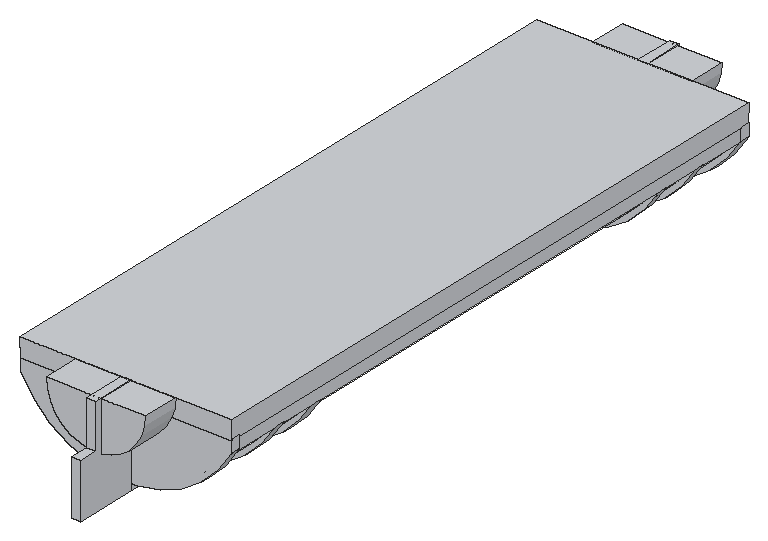
Revit family "7328", category Lighting Fixtures, Revit 2016
Family settings
  Part Type = Normal
  Round Connector Dimension = Use Diameter
  OmniClass Number = 23.80.70.00
  OmniClass Title = Lighting
  Work Plane-Based = No
  Always vertical = Yes
  Cut with Voids When Loaded = No
  Light Source = Yes
  Shared = No
  Room Calculation Point = No
Parameters
  Wattage = 12.1178 W
  built-in parameter 1150110 = 1 (stored number, unit not read)
  built-in parameter 1114217 = 1 (stored number, unit not read)
  built-in parameter 1150109 = 1 (stored number, unit not read)
  built-in parameter 1150134 = (empty or 0)
  built-in parameter 1150113 = 1 (stored number, unit not read)
  Lumens = 1800 lm
  built-in parameter 1150115 = 1 (stored number, unit not read)
  built-in parameter 1150105 = 143.24 (stored number, unit not read)
  Light Source Symbol Size = 2' - 0"
  built-in parameter 1150137 = (empty or 0)
  built-in parameter 1150139 = (empty or 0)
  built-in parameter 1150112 = 1 (stored number, unit not read)
  built-in parameter 1150114 = 1 (stored number, unit not read)
  built-in parameter 1150132 = 2
  built-in parameter 1150102 = (empty or 0)
  built-in parameter 1150138 = (empty or 0)
  built-in parameter 1150107 = 3000 (stored number, unit not read)
  built-in parameter 1150106 = 1.4324 (stored number, unit not read)
  built-in parameter 1150104 = 13.8 (stored number, unit not read)
  Dimming Lamp Color Temperature Shift = (empty or 0)
  Color Filter = 16777215
  built-in parameter 1114218 = 1 (stored number, unit not read)
  built-in parameter 1150133 = 10 (stored number, unit not read)
Reference planes (in)
  plane 1 "Light Source Axis (F/B)": y = 0
  plane 2: z = -11
  plane 3 "Light Source Axis (L/R)": x = 0
  plane 4 "Light Source Elevation": z = -13.75
  plane 5: y = 13
  plane 6: y = 12.625
  plane 7: x = -0.1875
  plane 8: y = 10.375
  plane 9: y = 8.875
Forms (in)
  Extrusion 1, solid
    sketch origin (0, -0.08746, -11) x (1, 0, 0) y (0, 1, 0)
      loop
        line (-4.25, 13.08746) -> (-4.25, -12.91254) -> (4.25, -12.91254) -> (4.25, 13.08746) -> (-4.25, 13.08746)
    from 0 to 0.75115
  Extrusion 2, solid
    sketch origin (0, 13, -10.07805) x (0, 0, 1) y (-1, 0, 0)
      loop
        line (-0.9, -4.25) -> (-0.9, 4.25) -> (-1.4, 4.25)
        arc (-1.4, 4.25) -> (-3.92195, 0) -> (-1.4, -4.25) r 4.84204
        line (-1.4, -4.25) -> (-0.9, -4.25)
    from 0 to 0.375
  Extrusion 3, solid
    sketch origin (0, 12.625, -10.97805) x (0, 0, 1) y (-1, 0, 0)
      loop
        line (-0.02195, -4.2495) -> (-0.02195, -4) -> (-0.52195, -4) -> (-0.52195, -4.2495) -> (-0.02195, -4.2495)
    from 0 to 25.25
  Extrusion 4, solid
    sketch origin (0, -13, -10.07805) x (0, 0, 1) y (1, 0, 0)
      loop
        line (-0.9, 4.25) -> (-1.4, 4.25)
        arc (-1.4, 4.25) -> (-3.92195, 0) -> (-1.4, -4.25) r 4.84204
        line (-1.4, -4.25) -> (-0.9, -4.25) -> (-0.9, 4.25)
    from 0 to 0.375
  Extrusion 5, solid
    sketch origin (0, 12.625, -10.97805) x (0, 0, 1) y (-1, 0, 0)
      loop
        line (-0.02195, 4.2495) -> (-0.52195, 4.2495) -> (-0.52195, 4) -> (-0.02195, 4) -> (-0.02195, 4.2495)
    from 0 to 25.25
  Extrusion 6, solid, material "Brownlee Acrylic"
    sketch origin (0, 0, 0) x (1, 0, 0) y (0, 0, 1)
      loop
        line (-4, -11) -> (-4, -11.5)
        arc (-4, -11.5) -> (0, -13.81888) -> (4, -11.5) r 4.60938
        line (4, -11.5) -> (4, -11) -> (-4, -11)
    from -12.625 to 12.625
  Extrusion 7, solid
    sketch origin (0, 13, -10.32805) x (0, 0, 1) y (-1, 0, 0)
      loop
        line (0.07805, 0) -> (0.07805, 2)
        arc (0.07805, 2) -> (-1.92195, 0) -> (0.07805, -2) r 2
        line (0.07805, -2) -> (0.07805, 0)
    from 0 to -1.5
  Extrusion 8, solid
    sketch origin (0, 13, -10.07805) x (0, 0, 1) y (-1, 0, 0)
      loop
        line (-0.1708, -0.1875) -> (-0.1708, 0.1875) -> (-4.1708, 0.1875) -> (-4.1708, -0.1875) -> (-0.1708, -0.1875)
    from 0 to -2.5
  Extrusion 9, solid
    sketch origin (0, -13, -10.32805) x (0, 0, 1) y (1, 0, 0)
      loop
        line (0.07805, 0) -> (0.07805, 2)
        arc (0.07805, 2) -> (-1.92195, 0) -> (0.07805, -2) r 2
        line (0.07805, -2) -> (0.07805, 0)
    from 0 to -1.5
  Extrusion 10, solid
    sketch origin (0, -13, -10.07805) x (0, 0, 1) y (1, 0, 0)
      loop
        line (-0.1708, 0.1875) -> (-4.1708, 0.1875) -> (-4.1708, -0.1875) -> (-0.1708, -0.1875) -> (-0.1708, 0.1875)
    from 0 to -2.5
  Extrusion 11, void
    sketch origin (-0.1875, -180, -12.01755) x (0, 0, 1) y (0, -1, 0)
      loop
        line (0, -195.5) -> (1.76856, -195.5) -> (1.76856, -194.59307) -> (0, -194.59307) -> (0, -195.5)
    from 0 to 24
  Extrusion 12, void
    sketch origin (-0.1875, -180, -12.04815) x (0, 0, 1) y (0, -1, 0)
      loop
        line (0, -164.5) -> (0, -165.25) -> (1.7993, -165.25) -> (1.7993, -164.5) -> (0, -164.5)
    from 0 to 24
  Extrusion 13, solid
    sketch origin (0, 10.375, -13.75) x (0, 0, -1) y (-1, 0, 0)
      loop
        arc (-2.25, -4.23795) -> (0.25, 0) -> (-2.25, 4.23795) r 4.84204
        line (-2.25, 4.23795) -> (-2.25, 4)
        arc (-2.25, 4) -> (0.06888, 0) -> (-2.25, -4) r 4.60938
        line (-2.25, -4) -> (-2.25, -4.23795)
    from 0 to 0.375
  Extrusion 14, solid
    sketch origin (0, 8.875, -10.24885) x (0, 0, 1) y (-1, 0, 0)
      loop
        line (-1.25115, -4.23795) -> (-1.25115, -4)
        arc (-1.25115, -4) -> (-3.57003, 0) -> (-1.25115, 4) r 4.60938
        line (-1.25115, 4) -> (-1.25115, 4.23795)
        arc (-1.25115, 4.23795) -> (-3.75115, 0) -> (-1.25115, -4.23795) r 4.84204
    from 0 to 0.375
  Extrusion 15, solid
    sketch origin (0, -10.375, -13.75) x (0, 0, -1) y (1, 0, 0)
      loop
        line (-2.25, 4.23795) -> (-2.25, 4)
        arc (-2.25, 4) -> (0.06888, 0) -> (-2.25, -4) r 4.60938
        line (-2.25, -4) -> (-2.25, -4.23795)
        arc (-2.25, -4.23795) -> (0.25, 0) -> (-2.25, 4.23795) r 4.84204
    from 0 to 0.375
  Extrusion 16, solid
    sketch origin (0, -8.875, -10.24885) x (0, 0, 1) y (1, 0, 0)
      loop
        arc (-1.25115, 4.23795) -> (-3.75115, 0) -> (-1.25115, -4.23795) r 4.84204
        line (-1.25115, -4.23795) -> (-1.25115, -4)
        arc (-1.25115, -4) -> (-3.57003, 0) -> (-1.25115, 4) r 4.60938
        line (-1.25115, 4) -> (-1.25115, 4.23795)
    from 0 to 0.375
  Extrusion 17, solid
    sketch origin (0, 12.625, -10.97805) x (0, 0, 1) y (-1, 0, 0)
      loop
        line (-3.2708, -0.1875) -> (-2.85201, -0.1875) -> (-2.85201, 0.1875) -> (-3.2708, 0.1875) -> (-3.2708, -0.1875)
    from -0.375 to 25.625
Cuts and joins
  Extrusion 11 cuts Extrusion 8
  Extrusion 12 cuts Extrusion 10
Lines and regions (in)
  model lines
    curve 1: line (4.23795, 8.875, -11.5) -> (4, 8.875, -11.5)
Dimensions and locks (in)
  aligned and locked: level to plane 2
